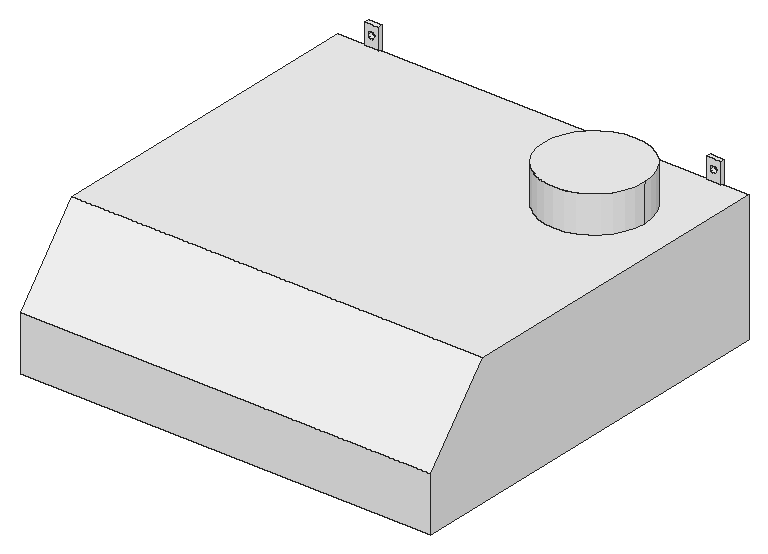
Revit family "v-36_375k7_60Hz", category 機械設備, Revit 2019
Family settings
  丸型コネクタ寸法 = 直径を使用
  パーツ タイプ = 標準
  OmniClass 番号 = 23.75.35.17.27
  OmniClass タイトル = Centrifugal Fans
  作業面ベース = いいえ
  常に垂直 = はい
  ロード時にボイドで切り取り = いいえ
  共有 = いいえ
  部屋計算ポイント = いいえ
Parameters (values of type "V-36K7")
  騒音レベル(dB(A)) = 45
  風量 = 510.0 m³/h
  電源種別 [instance] = ""
  電圧 = 100 V
  電動機出力 = 0 W
  電動機_種別 = ""
  集中コントローラ = ""
  運転質量 = 0.00 kg
  連動 [instance] = ""
  質量 = if(製品質量 > 運転質量, 製品質量, 運転質量) * 1.2  # 18.00 kg
  負荷分類 = 3_ファン類
  説明 = "レンジフードファン 浅形 高静圧・丸排気タイプ"
  設計風量 = 0.0 m³/h
  設置方法 = "天吊"
  記号 [instance] = ""
  製造元 = "三菱電機株式会社"
  製品質量 = 15.00 kg
  製品出荷対象 = "国内"
  製品リリース年月 = "2022年6月1日"
  製品グループ = ""
  系統 [instance] = ""
  符号 = if(☑給気／□排気, "FS", "FE")  # "FE"
  積算_科目 = "2 換気設備"
  積算_拾い区分 [instance] = ""
  相 = 1
  盤記号 [instance] = ""
  発停方法 [instance] = ""
  特殊仕様 [instance] = ""
  火災停止 [instance] = ""
  消費電力 = 122 W
  法定耐用年数 = "15"
  機外静圧_排気 = 210.0 Pa
  機外静圧 = 0.0 Pa
  極数 = 2
  材質 [instance] = ""
  操作・制御方式 = ""
  操作・制御スイッチ = ""
  排気量 = 0.0 m³/h
  形式 = "片吸込形"
  幹線記号 [instance] = ""
  対象室 [instance] = ""
  実風量 = 0.0 m³/h
  始動方式 [instance] = "直入"
  天吊用穴_D = 300 mm
  天吊用穴_ピッチ = 520 mm
  外気量 = 0.0 m³/h
  呼称 = "遠心送風機"
  周波数 = 60 Hz
  取付金具_穴位置 = 16 mm
  取付金具_径 = 10 mm
  取付金具_ピッチ = 500 mm
  取付金具_H = 30 mm
  取付金具_Depth = 6 mm
  参照している仕様書等のバージョン = ""
  分類コード = "50052503100060"
  分類グループ = ""
  価格 = 89800
  企業コード = "108420"
  付属品_フィルター_還気 = ""
  付属品_フィルター = ""
  付属品 [instance] = ""
  仕様書バージョン = "Version1.0"
  モデル = "V-36K7"
  マテリアル = 鋼板(白)
  ファンの種類 = ""
  ダクト径 = 150 mm
  コメント [instance] = ""
  Keynote = ""
  Assembly Code = ""
  ☑給気／□排気 = no
  Width = 600 mm
  W1 = Width / 2  # 300 mm
  Version = ""
  Uniclass2015Version = "Systems v1.9"
  Uniclass2015Title = "Centrifugal fans"
  Uniclass2015Code = "Pr_65_67_29_12"
  URL = "https://www.mitsubishielectric.co.jp/ldg/wink/ssl/displayProduct.do?pid=320848"
  SpecificationReference = ""
  SpecificationDescription = ""
  Revision = ""
  ProductInformation = ""
  OmniClassCode = "23-33 31 19 13 15"
  MIN風量 = 150.0 m³/h
  MIN静圧 = 0.0 Pa
  MID風量 = 310.0 m³/h
  MID静圧 = 0.0 Pa
  MAX風量 = 510.0 m³/h
  MAX静圧 = 0.0 Pa
  IfcTypeProduct = ""
  IfcProduct = ""
  IfcExportType = "CENTRIFUGALFORWARDCURVED"
  IfcExportAs = "IfcFanType"
  Height = 190 mm
  H1 = 110 mm
  EAダクト接続口_上部左 = not(EAダクト接続口_上部右)  # no
  EAダクト接続口_上部右 = yes
  EAサイズ_D = 148 mm
  Duct_Pitch = 350 mm
  Duct_Height = 54 mm
  Duct_D = 125 mm
  Depth = 580 mm
  D1 = 95 mm
  Clearance Top = 0 mm
  Clearance Right = 0 mm
  Clearance Left = 0 mm
  Clearance Front = 0 mm
  Clearance Bottom = 0 mm
  Clearance Back = 0 mm
  Author = "三菱電機株式会社"
Types (3, lengths in mm): name | 質量 | 製品質量 | 価格 | モデル | Width | W1 | URL
  V-36K7 | 18.00 kg | 15.00 kg | 89800 | "V-36K7" | 600 | 300 | "https://www.mitsubishielectric.co.jp/ldg/wink/ssl/displayProduct.do?pid=320848"
  V-375K7 | 19.80 kg | 16.50 kg | 106800 | "V-375K7" | 750 | 375 | "https://www.mitsubishielectric.co.jp/ldg/wink/ssl/displayProduct.do?pid=320849"
  V-39K7 | 21.60 kg | 18.00 kg | 129800 | "V-39K7" | 900 | 450 | "https://www.mitsubishielectric.co.jp/ldg/wink/ssl/displayProduct.do?pid=320854"
Reference planes
  plane 1 "中心(正面/背面)": y = 0
  plane 2: z = 0
  plane 3 "中心(左/右)": x = 0
  plane 4: x = -300
  plane 5: x = 300
  plane 6: y = -580
  plane 7: z = -190
  plane 8: z = -110
  plane 9: z = 54
  plane 10: y = -290
  plane 11: y = -485
  plane 12: x = -175
  plane 13: x = 175
  plane 14: y = -125
  plane 15: x = -260
  plane 16: x = 260
  plane 17: y = -300
  plane 18: x = -150
  plane 19: x = 150
  plane 20: z = 30
  plane 21: z = 16
  plane 22: x = -250
  plane 23: x = -260
  plane 24: x = -240
  plane 25: x = 250
  plane 26: x = 260
  plane 27: x = 240
  plane 28: y = 6
Forms (mm)
  Extrusion 1, solid, material "鋼板(白)" <- "マテリアル", detail levels fine
    sketch origin (0, 0, 0) x (1, 0, 0) y (0, 1, 0)
      loop
        line (-300, 0) -> (-300, -485) -> (300, -485) -> (300, 0) -> (-300, 0)
    from -190 to 0
  Blend 2, solid, material "鋼板(白)" <- "マテリアル", detail levels fine
    base sketch origin (0, 0, 0) x (1, 0, 0) y (0, 0, 1)
      loop
        line (-300, -190) -> (300, -190) -> (300, 0) -> (-300, 0) -> (-300, -190)
    top sketch origin (0, 0, 0) x (1, 0, 0) y (0, 0, 1)
      loop
        line (-300, -190) -> (300, -190) -> (300, -110) -> (-300, -110) -> (-300, -190)
    from 485 to 580
  Extrusion 3, solid, material "鋼板(白)" <- "マテリアル", visible <- "EAダクト接続口_上部右", detail levels fine
    sketch origin (0, 0, 0) x (1, 0, 0) y (0, 1, 0)
      loop
        circle (175, -125) r 74
    from 0 to 54
  Extrusion 4, solid, material "鋼板(白)" <- "マテリアル", visible <- "EAダクト接続口_上部左", detail levels fine
    sketch origin (0, 0, 0) x (1, 0, 0) y (0, 1, 0)
      loop
        circle (-175, -125) r 74
    from 0 to 54
  Extrusion 5, solid, material "鋼板(白)" <- "マテリアル"
    sketch origin (0, 0, 0) x (1, 0, 0) y (0, 0, 1)
      loop
        line (-260, 30) -> (-260, -190) -> (-240, -190) -> (-240, 30) -> (-260, 30)
      loop
        line (240, 30) -> (240, -190) -> (260, -190) -> (260, 30) -> (240, 30)
      loop
        circle (250, 16) r 5
      loop
        circle (-250, 16) r 5
    from -6 to 0
Cuts and joins
  joined: Extrusion 1, Blend 2
Lines and regions (mm)
  Masking region 1, detail levels coarse+medium
    outline origin (1326.5, 29, 0) x (1, 0, 0) y (0, 1, 0)
      loop
        line (-1626.5, -29) -> (-1626.5, -609) -> (-1026.5, -609) -> (-1026.5, -29) -> (-1626.5, -29)
  symbolic lines, detail levels coarse+medium
    curve 1: circle (-150, -290, 0) r 150 normal (0, 0, 1)
    curve 2: circle (150, -290, 0) r 150 normal (0, 0, 1)
Dimensions and locks
  equal spacing: plane 4, plane 3 "中心(左/右)", plane 5
  "Width": plane 4 to plane 5
  equal spacing: plane 6, plane 10, plane 1 "中心(正面/背面)"
  "Depth": plane 1 "中心(正面/背面)" to plane 6
  equal spacing: plane 12, plane 3 "中心(左/右)", plane 13
  "Duct_Pitch": plane 12 to plane 13
  "Duct_D": plane 1 "中心(正面/背面)" to plane 14
  "Height": level to plane 7
  "Duct_Height": plane 9 to level
  equal spacing: plane 15, plane 3 "中心(左/右)", plane 16
  "天吊用穴_ピッチ": plane 15 to plane 16
  "天吊用穴_D": plane 1 "中心(正面/背面)" to plane 17
  equal spacing: plane 4, plane 18, plane 3 "中心(左/右)"
  equal spacing: plane 3 "中心(左/右)", plane 19, plane 5
  "D1": plane 11 to plane 6
  "H1": level to plane 8
  "取付金具_H": plane 20 to level
  "取付金具_穴位置": plane 21 to level
  equal spacing: plane 24, plane 22, plane 23
  locked: plane 24 to plane 23 at 20
  equal spacing: plane 27, plane 25, plane 26
  locked: plane 27 to plane 26 at 20
  equal spacing: plane 25, plane 3 "中心(左/右)", plane 22
  "取付金具_ピッチ": plane 25 to plane 22
  "取付金具_Depth": plane 28 to plane 1 "中心(正面/背面)"
  "EAサイズ_D": diameter of Extrusion 3 sketch curve
  "EAサイズ_D": diameter of Extrusion 4 sketch curve
  "W1": diameter of curve 1
  "W1": diameter of curve 2
  "取付金具_径": diameter of Extrusion 5 sketch curve  (x2)
  aligned and locked: level to plane 2
  aligned and locked: Masking region 1 to plane 4
  aligned and locked: plane 5 to Masking region 1
  aligned and locked: Masking region 1 to plane 6
  aligned and locked: Masking region 1 to plane 1 "中心(正面/背面)"
  aligned and locked: plane 1 "中心(正面/背面)" to Extrusion 1 sketch curve
  aligned and locked: plane 4 to Extrusion 1 sketch curve
  aligned and locked: plane 11 to Extrusion 1 sketch curve
  aligned and locked: Extrusion 1 sketch curve to plane 5
  aligned and locked: Blend 2 sketch curve to plane 7  (x2)
  aligned and locked: level to Blend 2 sketch curve
  aligned and locked: plane 5 to Blend 2 sketch curve
  aligned and locked: Blend 2 sketch curve to plane 4
  aligned and locked: var sketch to Blend 2 sketch curve
  aligned and locked: Extrusion 1 to plane 7
  aligned and locked: level to Extrusion 1
  aligned and locked: Blend 2 to plane 6
  aligned and locked: plane 11 to Blend 2
  aligned and locked: plane 9 to Extrusion 3
  aligned and locked: Extrusion 3 to level
  aligned and locked: plane 9 to Extrusion 4
  aligned and locked: Extrusion 4 to level
  aligned and locked: plane 8 to Blend 2 sketch curve
  aligned and locked: nested 1 to plane 17
  aligned and locked: plane 15 to nested 1
  aligned and locked: plane 16 to nested 1
  aligned and locked: Extrusion 5 sketch curve to plane 20  (x2)
  aligned and locked: plane 23 to Extrusion 5 sketch curve
  aligned and locked: plane 24 to Extrusion 5 sketch curve
  aligned and locked: plane 7 to Extrusion 5 sketch curve  (x2)
  aligned and locked: plane 27 to Extrusion 5 sketch curve
  aligned and locked: plane 26 to Extrusion 5 sketch curve
  aligned and locked: plane 28 to Extrusion 5
  aligned and locked: plane 1 "中心(正面/背面)" to Extrusion 5
Automatic sketch dimensions
  Extrusion 3 sketch curve to plane 13 = 0 mm
  Extrusion 3 sketch curve to plane 14 = 0 mm
  Extrusion 4 sketch curve to plane 12 = 0 mm
  Extrusion 4 sketch curve to plane 14 = 0 mm
  curve 1 to plane 10 = 0 mm
  curve 1 to plane 18 = 0 mm
  curve 2 to plane 10 = 0 mm
  curve 2 to plane 19 = 0 mm
  Masking region 1 sketch curve to plane 4 = 0 mm
  Masking region 1 sketch curve to plane 5 = 0 mm
  Masking region 1 sketch curve to plane 6 = 0 mm
  plane 1 "中心(正面/背面)" to Masking region 1 sketch curve = 0 mm
  Blend 2 sketch curve to plane 4 = 0 mm
  Extrusion 5 sketch curve to plane 21 = 0 mm  (x2)
  Extrusion 5 sketch curve to plane 22 = 0 mm
  plane 25 to Extrusion 5 sketch curve = 0 mm
Nested families
  nested 1: "固定点" at (-260, -300, 0), type "固定点"
    with W 520 mm, D 1000 mm
Connectors
  hvac at (175, -125, 54), driven by "ダクト径", driven by "機外静圧", driven by "風量"
    settings: on Extrusion 3, index 1, duct flow 510.0 m³/h, flow factor 0, pres drop 0.0 Pa, loss coef 0, conn angle 0.00°, conn width 304.8 mm, conn height 304.8 mm, conn diameter 150 mm, duct sys type 3, conn prof type 0, flow config 0, flow direction 2, loss method 4, conn ref index -1, conn util no, is conn primary yes, conn desc ""
  hvac at (-175, -125, 54), driven by "ダクト径", driven by "機外静圧", driven by "風量"
    settings: on Extrusion 4, index 2, duct flow 510.0 m³/h, flow factor 0, pres drop 0.0 Pa, loss coef 0, conn angle 0.00°, conn width 304.8 mm, conn height 304.8 mm, conn diameter 150 mm, duct sys type 3, conn prof type 0, flow config 0, flow direction 2, loss method 4, conn ref index -1, conn util no, is conn primary no, conn desc ""
  electrical at (0, -242.5, 0), driven by "極数", driven by "負荷分類", driven by "電圧", driven by "消費電力"
    settings: on cut or joined group of Extrusion 1, Blend 2, index 3, voltage 100 V, apparent load 122 VA, apparent load phase1 0 VA, apparent load phase2 0 VA, apparent load phase3 0 VA, power factor 1, load classification "3_ファン類", number of poles 2, system type 30, power factor state 1, is connector primary yes, connector utility no, sub classification motor no, connector description ""
Definition of nested family "固定点"
  Parameters (values of type "固定点")
    中心円 = 20 mm
    W [instance] = 1000 mm
    D [instance] = 1000 mm
  Reference planes
    plane 1 "中心(正面/背面)": y = 0
    plane 2: z = 0
    plane 3 "中心(左/右)": x = 0
    plane 4: x = 1000
  Lines and regions (mm)
    symbolic lines, detail levels fine
      curve 1: circle (0, 0, 0) r 10 normal (0, 0, 1)
      curve 2: circle (1000, 0, 0) r 10 normal (0, 0, 1)
      curve 3: line (-200, 0, 0) -> (1200, 0, 0)
      curve 4: line (0, 200, 0) -> (0, -200, 0)
      curve 5: line (1000, 200, 0) -> (1000, -200, 0)
  Dimensions and locks
    "W": plane 3 "中心(左/右)" to plane 4
    "中心円": diameter of curve 1
    "中心円": diameter of curve 2
    aligned and locked: level to plane 2
    aligned and locked: plane 3 "中心(左/右)" to curve 1
    aligned and locked: plane 1 "中心(正面/背面)" to curve 1
    aligned and locked: plane 1 "中心(正面/背面)" to curve 2
    aligned and locked: plane 4 to curve 2
    aligned and locked: plane 1 "中心(正面/背面)" to curve 3
    aligned and locked: curve 4 to plane 3 "中心(左/右)"
    aligned and locked: curve 5 to plane 4
  Automatic sketch dimensions
    curve 3 to plane 3 "中心(左/右)" = 200 mm
    curve 2 to curve 3 = 200 mm
    plane 1 "中心(正面/背面)" to curve 4 = 200 mm
    plane 1 "中心(正面/背面)" to curve 5 = 200 mm
    curve 5 to plane 1 "中心(正面/背面)" = 200 mm
    curve 4 to plane 1 "中心(正面/背面)" = 200 mm
